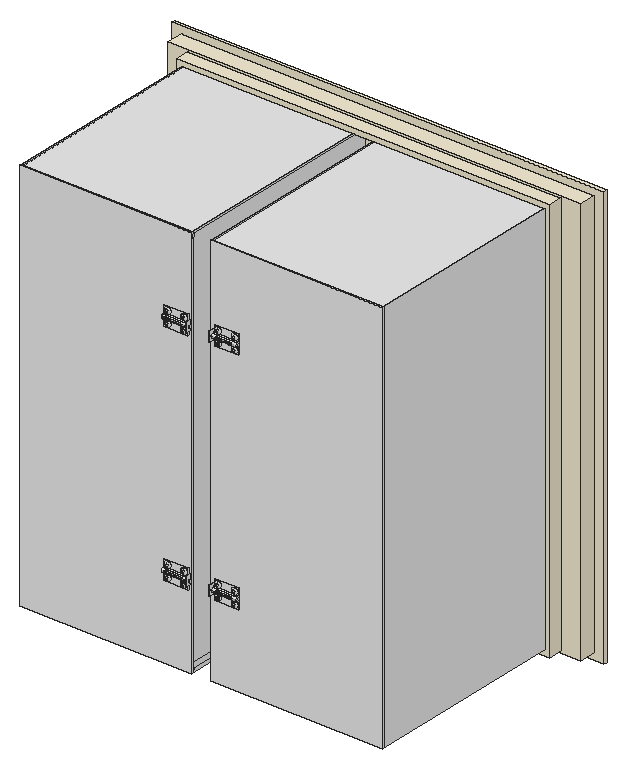
Revit family "Mailboxes_4C-Salsbury_Industries-Rear_Load-8_Door_High_Units", category Specialty Equipment, host Wall, Revit 2016 (continued)
Definition of nested family "3700 Series 4C Door Configurations"
  Automatic sketch dimensions
    Extrusion 6 sketch curve to Extrusion 6 sketch curve = 0.125"  (x3)
    plane 9 to Extrusion 6 sketch curve = 0.625"  (x2)
    plane 3 "Center (Left/Right)" to Extrusion 6 sketch curve = 0.7775"
    plane 15 "Inset Center" to Extrusion 6 sketch curve = 0.750"
    curve 1 to plane 9 = 0.000"
    plane 11 "Center Lock Vertical" to curve 1 = 0.000"
    radius of Blend 2 sketch curve = 0.525"
    radius of Blend 2 sketch curve = 0.485"
    radius of curve 1 = 0.53054"
Definition of nested family "3700 Series 4C OM2 Configuration"
  Parameters (values of type "OM2-RL")
    Weight = ""
    URL = ""
    Access Lock Offset = 0.3125"
    Access Lock = no
    Model = "3700OM2-RL"
    Manufacturer = "Salsbury Industries"
    Lock Material = none
    Front Panel Material = none
    Door Width = 13.375"
    Door Number [instance] = "101"
    Door Height = 7.00047"
    Door Depth = 0.25391"
    Description = "OM2 Door for 3700 Series 4C Mailboxes-Rear Loading"
    Cost = 0
    Center Lock-Vertical = 2.360"
    Center Lock-Horizontal = 1.61523"
  Types (3): name | Access Lock Offset | Access Lock | Model | Description
    (no name) | 0.3125" | no | "3700OM2-RL" | "OM2 Door for 3700 Series 4C Mailboxes-Rear Loading"
    OM2-FL | 0.000" | yes | "3700OM2-FL" | "OM2 Door for 3700 Series 4C Mailboxes-Front Loading"
    OM2-RL | 0.3125" | no | "3700OM2-RL" | "OM2 Door for 3700 Series 4C Mailboxes-Rear Loading"
  Reference planes (in)
    plane 1 "Center (Front/Back)": y = 0
    plane 2 "Bottom of Door": z = 0
    plane 3 "Center (Left/Right)": x = 0
    plane 4 "Left Side Face of Door": x = -6.6875
    plane 5 "Right Side Face of Door": x = 6.6875
    plane 6 "Back Face of Door": y = 0.12695
    plane 7 "Front Face of Door": y = -0.12695
    plane 8: z = 3.23047
    plane 9: z = 1.61523
    plane 10: y = -0.46995
    plane 11 "Center Lock Vertical": x = -4.3275
    plane 12 "Center Lock Horizontal": z = 1.61523
    plane 13 "Face of Lock": y = -0.42383
    plane 14 "Divider Height Align": z = 3.50047
    plane 15 "Plate Center": x = -0.16063
    plane 16 "Left Stud Align": x = -5.7025
    plane 17 "Right Stud Align": x = -2.8895
    plane 18 "Top Stud Align": z = 2.27147
    plane 19 "Bottom Stud Align": z = 0.95947
    plane 20 "Hinge Stud Align": x = 5.6875
    plane 21 "Mail Plate Top": z = 2.61547
    plane 22 "Mail Plate Bottom": z = 0.61547
    plane 23: x = -2.1595
    plane 24: x = 1.8405
    plane 25 "Face of Mail Plate": y = -0.16602
    plane 26 "Top of Mail Drop Door": z = 6.73094
    plane 27 "Top of Mail Drop Divider": z = 7.00047
    plane 28 "Face of Mail Drop": y = -0.31995
    plane 29 "Top of Mail Slot": z = 6.42087
    plane 30 "Bottom of Mail Slot": z = 5.67087
    plane 31 "Left Edge of Mail Slot": x = -5.3755
    plane 32 "Right Edge of Mail Slot": x = 5.3755
    plane 33 "Mail Slot Bottom Protusion": z = 6.50987
    plane 34: y = -0.49395
    plane 35: z = 6.15637
    plane 36 "Front of Awning": y = -1.63495
    plane 37: y = -1.15685
    plane 38 "Mail Slot Slope": through (-240, -0.44582, 6.9722) normal (0, -0.5, 0.866)
    plane 39 "Access Lock Offset": y = 0.43945
  Forms (in)
    Extrusion 1, solid, material <- "Front Panel Material"
      sketch origin (0, 0, 0) x (1, 0, 0) y (0, 1, 0)
        loop
          line (-6.4355, 0.12695) -> (-6.6875, -0.05445) -> (-6.6875, -0.12695) -> (6.05625, -0.12695)
          arc (6.05625, -0.12695) -> (6.19558, -0.17661) -> (6.27209, -0.3032) r 0.22029
          arc (6.27209, -0.3032) -> (6.3553, -0.42132) -> (6.4925, -0.46664) r 0.23034
          arc (6.4925, -0.46664) -> (6.63039, -0.40952) -> (6.6875, -0.27164) r 0.195
          line (6.6875, -0.27164) -> (6.6875, 0.12695) -> (-6.4355, 0.12695)
      from 0 to 3.23047
    Extrusion 2, solid, material <- "Front Panel Material"
      sketch origin (0, 0, 3.50047) x (-1, 0, 0) y (0, -1, 0)
        loop
          line (6.6875, -0.12695) -> (6.6875, 0.46995) -> (-6.6875, 0.46995) -> (-6.6875, -0.12695) -> (6.6875, -0.12695)
      from -0.27 to 0
    Extrusion 3, void
      sketch origin (0, 0.43945, 0) x (0, 0, -1) y (-1, 0, 0)
        loop
          circle (-1.61523, 4.3275) r 0.4375
      from 0 to -0.25391
    Extrusion 4, solid, material <- "Lock Material", visible <- "Access Lock"
      sketch origin (0, 0.43945, 0) x (0, 0, -1) y (-1, 0, 0)
        loop
          circle (-1.61523, 4.3275) r 0.42913
      from 0 to -0.25391
    Extrusion 5, void, detail levels fine
      sketch origin (0, 0.12695, 3.4) x (-1, 0, 0) y (0, 0, 1)
        loop
          line (4.3568, -1.47517) -> (4.2982, -1.47517) -> (4.2982, -2.09436) -> (4.3568, -2.09436) -> (4.3568, -1.47517)
      from -0.12695 to -0.25391
    Blend 6, solid, material <- "Front Panel Material", detail levels medium+fine
      base sketch origin (0, -0.12695, 2.68123) x (-1, 0, 0) y (0, 0, 1)
        loop
          circle (5.7025, -0.40977) r 0.15665
      top sketch origin (0, -0.12695, 2.68123) x (-1, 0, 0) y (0, 0, 1)
        loop
          circle (5.7025, -0.40977) r 0.3125
      from -0.11328 to 0
    Blend 7, solid, material <- "Front Panel Material", detail levels medium+fine
      base sketch origin (1.3125, -0.12695, 2.68123) x (-1, 0, 0) y (0, 0, 1)
        loop
          circle (4.202, -0.40977) r 0.15665
      top sketch origin (1.3125, -0.12695, 2.68123) x (-1, 0, 0) y (0, 0, 1)
        loop
          circle (4.202, -0.40977) r 0.3125
      from -0.11328 to 0
    Blend 8, solid, material <- "Front Panel Material", detail levels medium+fine
      base sketch origin (0, -0.12695, 1.36923) x (-1, 0, 0) y (0, 0, 1)
        loop
          circle (5.7025, -0.40977) r 0.15665
      top sketch origin (0, -0.12695, 1.36923) x (-1, 0, 0) y (0, 0, 1)
        loop
          circle (5.7025, -0.40977) r 0.3125
      from -0.11328 to 0
    Blend 9, solid, material <- "Front Panel Material", detail levels medium+fine
      base sketch origin (1.3125, -0.12695, 1.36923) x (-1, 0, 0) y (0, 0, 1)
        loop
          circle (4.202, -0.40977) r 0.15665
      top sketch origin (1.3125, -0.12695, 1.36923) x (-1, 0, 0) y (0, 0, 1)
        loop
          circle (4.202, -0.40977) r 0.3125
      from -0.11328 to 0
    Blend 10, solid, material <- "Front Panel Material", detail levels medium+fine
      base sketch origin (9.8895, -0.12695, 2.68123) x (-1, 0, 0) y (0, 0, 1)
        loop
          circle (4.202, -0.40977) r 0.15665
      top sketch origin (9.8895, -0.12695, 2.68123) x (-1, 0, 0) y (0, 0, 1)
        loop
          circle (4.202, -0.40977) r 0.3125
      from -0.11328 to 0
    Blend 11, solid, material <- "Front Panel Material", detail levels medium+fine
      base sketch origin (9.8895, -0.12695, 1.36923) x (-1, 0, 0) y (0, 0, 1)
        loop
          circle (4.202, -0.40977) r 0.15665
      top sketch origin (9.8895, -0.12695, 1.36923) x (-1, 0, 0) y (0, 0, 1)
        loop
          circle (4.202, -0.40977) r 0.3125
      from -0.11328 to 0
    Extrusion 12, solid, material <- "Lock Material"
      sketch origin (0, -0.12695, 0) x (-1, 0, 0) y (0, 0, 1)
        loop
          line (1.96028, 2.61547) -> (-1.64128, 2.61547)
          arc (-1.64128, 2.61547) -> (-1.78215, 2.55712) -> (-1.8405, 2.41625) r 0.19922
          line (-1.8405, 2.41625) -> (-1.8405, 0.81469)
          arc (-1.8405, 0.81469) -> (-1.78215, 0.67382) -> (-1.64128, 0.61547) r 0.19922
          line (-1.64128, 0.61547) -> (1.96028, 0.61547)
          arc (1.96028, 0.61547) -> (2.10115, 0.67382) -> (2.1595, 0.81469) r 0.19922
          line (2.1595, 0.81469) -> (2.1595, 2.41625)
          arc (2.1595, 2.41625) -> (2.10115, 2.55712) -> (1.96028, 2.61547) r 0.19922
      from 0 to -0.03906
    Extrusion 13, solid, material <- "Front Panel Material"
      sketch origin (-2.13946, 0, 3.50047) x (-1, 0, 0) y (0, -1, 0)
        loop
          line (4.54804, -0.12695) -> (4.54804, 0.31995) -> (-8.82696, 0.31995) -> (-8.82696, -0.12695) -> (4.54804, -0.12695)
      from 0 to 3.0094
    Extrusion 14, void
      sketch origin (0, -0.31995, 0) x (0, 0, -1) y (-1, 0, 0)
        loop
          arc (-5.67087, 5.0005) -> (-6.04587, 5.3755) -> (-6.42087, 5.0005) r 0.375
          line (-6.42087, 5.0005) -> (-6.42087, -5.0005)
          arc (-6.42087, -5.0005) -> (-6.04587, -5.3755) -> (-5.67087, -5.0005) r 0.375
          line (-5.67087, -5.0005) -> (-5.67087, 5.0005)
      from 0 to 0.44691
    Extrusion 15, solid, material <- "Front Panel Material"
      sketch origin (0, 0, 0) x (0, 1, 0) y (0, 0, 1)
        loop
          line (0.12695, 6.50987) -> (0.12695, 7.00047) -> (-0.46995, 7.00047) -> (-0.75605, 6.83078) -> (-0.73973, 6.80251) -> (-1.27431, 6.49388) -> (-1.29063, 6.52214) -> (-1.61027, 6.3376)
          arc (-1.61027, 6.3376) -> (-1.63087, 6.31111) -> (-1.62714, 6.27777) r 0.04454
          line (-1.62714, 6.27777) -> (-1.5282, 6.17883)
          arc (-1.5282, 6.17883) -> (-1.4937, 6.16211) -> (-1.4558, 6.15637) r 0.12791
          line (-1.4558, 6.15637) -> (-1.10623, 6.15637) -> (-0.49395, 6.50987) -> (0.12695, 6.50987)
      from -6.6875 to 6.6875
  Cuts and joins
    Extrusion 3 cuts Extrusion 1
    Extrusion 5 cuts Extrusion 4
    Extrusion 14 cuts Extrusion 13
  Lines and regions (in)
    symbolic lines
      curve 1: circle (-5.7025, -0.12695, 2.27147) r 0.3125 normal (0, 1, 0)
      curve 2: circle (-5.7025, -0.12695, 0.95947) r 0.3125 normal (0, 1, 0)
      curve 3: circle (-2.8895, -0.12695, 0.95947) r 0.3125 normal (0, 1, 0)
      curve 4: circle (-2.8895, -0.12695, 2.27147) r 0.3125 normal (0, 1, 0)
      curve 5: circle (-4.3275, -0.12695, 1.61523) r 0.42913 normal (0, 1, 0)
      curve 6: circle (5.6875, -0.12695, 0.95947) r 0.3125 normal (0, 1, 0)
      curve 7: circle (5.6875, -0.12695, 2.27147) r 0.3125 normal (0, 1, 0)
      curve 8: arc (-2.1595, -0.12695, 2.41625) -> (-2.10115, -0.12695, 2.55712) -> (-1.96028, -0.12695, 2.61547) r 0.19922
      curve 9: arc (1.8405, -0.12695, 2.41625) -> (1.78215, -0.12695, 2.55712) -> (1.64128, -0.12695, 2.61547) r 0.19922
      curve 10: arc (1.8405, -0.12695, 0.81469) -> (1.78215, -0.12695, 0.67382) -> (1.64128, -0.12695, 0.61547) r 0.19922
      curve 11: arc (-1.96028, -0.12695, 0.61547) -> (-2.10115, -0.12695, 0.67382) -> (-2.1595, -0.12695, 0.81469) r 0.19922
      curve 12: line (-2.1595, -0.12695, 0.81469) -> (-2.1595, -0.12695, 2.41625)
      curve 13: line (-1.96028, -0.12695, 2.61547) -> (1.64128, -0.12695, 2.61547)
      curve 14: line (1.8405, -0.12695, 2.41625) -> (1.8405, -0.12695, 0.81469)
      curve 15: line (1.64128, -0.12695, 0.61547) -> (-1.96028, -0.12695, 0.61547)
  Dimensions and locks (in)
    equal spacing: plane 6 "Back Face of Door", plane 1 "Center (Front/Back)", plane 7 "Front Face of Door"
    "Door Depth": plane 6 "Back Face of Door" to plane 7 "Front Face of Door"
    equal spacing: plane 4 "Left Side Face of Door", plane 3 "Center (Left/Right)", plane 5 "Right Side Face of Door"
    "Door Width": plane 4 "Left Side Face of Door" to plane 5 "Right Side Face of Door"
    plane 8 to level = 3.23047"
    equal spacing: plane 8, plane 9, level
    locked: plane 7 "Front Face of Door" to plane 10 at 0.343
    "Center Lock-Vertical": plane 4 "Left Side Face of Door" to plane 11 "Center Lock Vertical"
    "Center Lock-Horizontal": plane 8 to plane 12 "Center Lock Horizontal"
    locked: plane 14 "Divider Height Align" to plane 8 at 0.27
    plane 4 "Left Side Face of Door" to plane 16 "Left Stud Align" to plane 17 "Right Stud Align" = 0.985", 2.813"
    plane 8 to plane 18 "Top Stud Align" to plane 19 "Bottom Stud Align" = 0.959", 1.312"
    plane 20 "Hinge Stud Align" to plane 5 "Right Side Face of Door" = 1.000"
    plane 8 to plane 21 "Mail Plate Top" to plane 22 "Mail Plate Bottom" = 0.615", 2.000"
    plane 4 "Left Side Face of Door" to plane 23 to plane 24 = 4.528", 4.000"
    plane 27 "Top of Mail Drop Divider" to plane 26 "Top of Mail Drop Door" to plane 14 "Divider Height Align" = 0.26953" locked, 3.23047"
    "Door Height": plane 27 "Top of Mail Drop Divider" to level
    plane 28 "Face of Mail Drop" to plane 10 = 0.150"
    locked: plane 27 "Top of Mail Drop Divider" to plane 29 "Top of Mail Slot" at 0.5796
    locked: plane 29 "Top of Mail Slot" to plane 30 "Bottom of Mail Slot" at 0.75
    locked: plane 4 "Left Side Face of Door" to plane 31 "Left Edge of Mail Slot" at 1.312
    locked: plane 32 "Right Edge of Mail Slot" to plane 5 "Right Side Face of Door" at 1.312
    locked: plane 33 "Mail Slot Bottom Protusion" to plane 29 "Top of Mail Slot" at 0.089
    plane 28 "Face of Mail Drop" to plane 34 = 0.174"
    plane 33 "Mail Slot Bottom Protusion" to plane 35 = 0.3535"
    plane 28 "Face of Mail Drop" to plane 36 "Front of Awning" = 1.315"
    plane 4 "Left Side Face of Door" to plane 5 "Right Side Face of Door" = 13.375"
    plane 6 "Back Face of Door" to plane 36 "Front of Awning" = 1.76191"
    "Access Lock Offset": plane 39 "Access Lock Offset" to plane 6 "Back Face of Door"
    aligned and locked: level to plane 2 "Bottom of Door"
    aligned and locked: plane 4 "Left Side Face of Door" to Extrusion 1
    aligned and locked: plane 6 "Back Face of Door" to Extrusion 1
    aligned and locked: plane 7 "Front Face of Door" to Extrusion 1
    aligned and locked: Extrusion 1 to level
    aligned and locked: plane 8 to Extrusion 1
    aligned and locked: Extrusion 2 sketch curve to plane 4 "Left Side Face of Door"
    aligned and locked: Extrusion 2 sketch curve to plane 6 "Back Face of Door"
    aligned and locked: plane 5 "Right Side Face of Door" to Extrusion 2 sketch curve
    aligned and locked: Extrusion 2 to plane 8
    aligned and locked: plane 10 to Extrusion 2 sketch curve
    aligned and locked: plane 14 "Divider Height Align" to Extrusion 2
    aligned and locked: plane 4 "Left Side Face of Door" to Extrusion 2
    aligned and locked: Extrusion 2 to plane 5 "Right Side Face of Door"
    aligned and locked: Extrusion 13 to plane 28 "Face of Mail Drop"
    aligned and locked: plane 29 "Top of Mail Slot" to Extrusion 14 sketch curve
    aligned and locked: cut or joined group of Extrusion 13, Extrusion 14 to cut or joined group of Extrusion 13, Extrusion 14
    aligned and locked: cut or joined group of Extrusion 1, Extrusion 3 to plane 2 "Bottom of Door"
  Automatic sketch dimensions
    Extrusion 1 sketch curve to plane 4 "Left Side Face of Door" = 0.000"
    Extrusion 1 sketch curve to plane 6 "Back Face of Door" = 0.000"
    Extrusion 1 sketch curve to plane 7 "Front Face of Door" = 0.000"
    Extrusion 1 sketch curve to plane 5 "Right Side Face of Door" = 0.000"
    Extrusion 1 sketch curve to plane 4 "Left Side Face of Door" = 0.252"
    Extrusion 1 sketch curve to plane 20 "Hinge Stud Align" = 0.36875"
    Extrusion 1 sketch curve to plane 25 "Face of Mail Plate" = 0.07029"
    plane 5 "Right Side Face of Door" to Extrusion 1 sketch curve = 0.195"
    Extrusion 1 sketch curve to plane 25 "Face of Mail Plate" = 0.10562"
    Extrusion 1 sketch curve to plane 13 "Face of Lock" = 0.07658"
    plane 1 "Center (Front/Back)" to Extrusion 1 sketch curve = 0.05445"
    Extrusion 1 sketch curve to plane 13 "Face of Lock" = 0.12063"
    Extrusion 5 sketch curve to plane 11 "Center Lock Vertical" = 0.0293"
    plane 11 "Center Lock Vertical" to Extrusion 5 sketch curve = 0.0293"
    Extrusion 5 sketch curve to plane 9 = 0.30959"
    plane 9 to Extrusion 5 sketch curve = 0.30959"
    plane 16 "Left Stud Align" to Blend 6 sketch curve = 0.000"  (x2)
    Blend 6 sketch curve to plane 18 "Top Stud Align" = 0.000"  (x2)
    plane 17 "Right Stud Align" to Blend 7 sketch curve = 0.000"  (x2)
    Blend 7 sketch curve to plane 18 "Top Stud Align" = 0.000"  (x2)
    plane 16 "Left Stud Align" to Blend 8 sketch curve = 0.000"  (x2)
    Blend 8 sketch curve to plane 19 "Bottom Stud Align" = 0.000"  (x2)
    plane 17 "Right Stud Align" to Blend 9 sketch curve = 0.000"  (x2)
    Blend 9 sketch curve to plane 19 "Bottom Stud Align" = 0.000"  (x2)
    Blend 10 sketch curve to plane 18 "Top Stud Align" = 0.000"  (x2)
    plane 20 "Hinge Stud Align" to Blend 10 sketch curve = 0.000"  (x2)
    Blend 11 sketch curve to plane 19 "Bottom Stud Align" = 0.000"  (x2)
    plane 20 "Hinge Stud Align" to Blend 11 sketch curve = 0.000"  (x2)
    plane 24 to Extrusion 12 sketch curve = 0.000"
    Extrusion 12 sketch curve to plane 22 "Mail Plate Bottom" = 0.000"
    Extrusion 12 sketch curve to plane 21 "Mail Plate Top" = 0.000"
    plane 23 to Extrusion 12 sketch curve = 0.000"
    plane 24 to Extrusion 12 sketch curve = 0.19922"  (x2)
    plane 18 "Top Stud Align" to Extrusion 12 sketch curve = 0.14478"
    Extrusion 12 sketch curve to plane 23 = 0.19922"
    Extrusion 13 sketch curve to plane 5 "Right Side Face of Door" = 0.000"
    Extrusion 13 sketch curve to plane 4 "Left Side Face of Door" = 0.000"
    Extrusion 13 sketch curve to plane 6 "Back Face of Door" = 0.000"
    Extrusion 13 sketch curve to plane 7 "Front Face of Door" = 0.193"
    Extrusion 14 sketch curve to plane 30 "Bottom of Mail Slot" = 0.000"
    plane 32 "Right Edge of Mail Slot" to Extrusion 14 sketch curve = 0.375"
    Extrusion 14 sketch curve to plane 31 "Left Edge of Mail Slot" = 0.375"
    Extrusion 15 sketch curve to plane 35 = 0.000"
    Extrusion 15 sketch curve to plane 33 "Mail Slot Bottom Protusion" = 0.000"
    Extrusion 15 sketch curve to plane 34 = 0.000"
    Extrusion 15 sketch curve to plane 27 "Top of Mail Drop Divider" = 0.000"
    Extrusion 15 sketch curve to plane 6 "Back Face of Door" = 0.000"
    plane 26 "Top of Mail Drop Door" to Extrusion 15 sketch curve = 0.07158"
    Extrusion 15 sketch curve to plane 34 = 0.24578"
    plane 26 "Top of Mail Drop Door" to Extrusion 15 sketch curve = 0.09984"
    Extrusion 15 sketch curve to Extrusion 15 sketch curve = 0.01632"
    plane 37 to Extrusion 15 sketch curve = 0.05062"
    Extrusion 15 sketch curve to plane 33 "Mail Slot Bottom Protusion" = 0.01599"
    plane 33 "Mail Slot Bottom Protusion" to Extrusion 15 sketch curve = 0.01227"
    plane 36 "Front of Awning" to Extrusion 15 sketch curve = 0.17915"
    plane 35 to Extrusion 15 sketch curve = 0.02246"
    Extrusion 15 sketch curve to Extrusion 15 sketch curve = 0.0724"
    plane 36 "Front of Awning" to Extrusion 15 sketch curve = 0.04696"
    plane 36 "Front of Awning" to Extrusion 15 sketch curve = 0.02469"
    plane 36 "Front of Awning" to Extrusion 15 sketch curve = 0.00781"
    Extrusion 15 sketch curve to Extrusion 15 sketch curve = 0.05983"
    Extrusion 4 sketch curve to plane 9 = 0.000"
    plane 11 "Center Lock Vertical" to Extrusion 4 sketch curve = 0.000"
    Extrusion 3 sketch curve to plane 9 = 0.000"
    plane 11 "Center Lock Vertical" to Extrusion 3 sketch curve = 0.000"
    curve 6 to plane 19 "Bottom Stud Align" = 0.000"
    plane 20 "Hinge Stud Align" to curve 6 = 0.000"
    curve 7 to plane 18 "Top Stud Align" = 0.000"
    plane 20 "Hinge Stud Align" to curve 7 = 0.000"
    plane 24 to curve 14 = 0.000"
    curve 9 to plane 21 "Mail Plate Top" = 0.000"
    curve 11 to plane 22 "Mail Plate Bottom" = 0.000"
    plane 23 to curve 12 = 0.000"
    plane 17 "Right Stud Align" to curve 4 = 0.000"
    plane 17 "Right Stud Align" to curve 3 = 0.000"
    curve 5 to plane 9 = 0.000"
    plane 11 "Center Lock Vertical" to curve 5 = 0.000"
    plane 16 "Left Stud Align" to curve 1 = 0.000"
    plane 16 "Left Stud Align" to curve 2 = 0.000"
    curve 2 to plane 19 "Bottom Stud Align" = 0.000"
    curve 3 to plane 19 "Bottom Stud Align" = 0.000"
    curve 1 to plane 18 "Top Stud Align" = 0.000"
    curve 4 to plane 18 "Top Stud Align" = 0.000"
    plane 18 "Top Stud Align" to curve 9 = 0.14478"
    curve 10 to plane 19 "Bottom Stud Align" = 0.14478"
    plane 18 "Top Stud Align" to curve 8 = 0.14478"
    curve 11 to plane 19 "Bottom Stud Align" = 0.14478"
    radius of Blend 6 sketch curve = 0.15665"
    radius of Blend 6 sketch curve = 0.3125"
    radius of Blend 7 sketch curve = 0.15665"
    radius of Blend 7 sketch curve = 0.3125"
    radius of Blend 8 sketch curve = 0.15665"
    radius of Blend 8 sketch curve = 0.3125"
    radius of Blend 9 sketch curve = 0.15665"
    radius of Blend 9 sketch curve = 0.3125"
    radius of Blend 10 sketch curve = 0.15665"
    radius of Blend 10 sketch curve = 0.3125"
    radius of Blend 11 sketch curve = 0.15665"
    radius of Blend 11 sketch curve = 0.3125"
    radius of Extrusion 4 sketch curve = 0.42913"
    radius of Extrusion 3 sketch curve = 0.4375"
    radius of curve 1 = 0.3125"
    radius of curve 2 = 0.3125"
    radius of curve 3 = 0.3125"
    radius of curve 4 = 0.3125"
    radius of curve 5 = 0.42913"
    radius of curve 6 = 0.3125"
    radius of curve 7 = 0.3125"
Definition of nested family "4C Latch Lock"
  Parameters (values of type "Lock Latch")
    Width = 1.750"
    Type Comments = "Lock Latch for Aluminum Mailboxes"
    Visible Latch = yes
    Manufacturer = "Salsbury Industries"
    Height = 1.375"
    Depth = 0.244"
    Back Enclosure Material = none
  Reference planes (in)
    plane 1 "Center (Front/Back)": y = 0
    plane 2 "left": z = 0
    plane 3 "Center (Left/Right)": x = 0
    plane 4 "top": x = -0.875
    plane 5 "bottom": x = 0.875
    plane 6 "Front": y = 0.122
    plane 7 "Back": y = -0.122
    plane 8 "Vertical Center": z = 0.6875
    plane 9 "right": z = 1.375
    plane 10: x = -1
    plane 11: x = -1.125
  Forms (in)
    Extrusion 1, solid, material <- "Back Enclosure Material", visible <- "Visible Latch", detail levels medium+fine
      sketch origin (-0.67187, 0, 0.67188) x (0, 0, -1) y (0, 1, 0)
        loop
          line (-0.22131, -0.0902) -> (-0.70312, -0.0902) -> (-0.70312, -0.12209) -> (-0.22129, -0.12209)
          arc (-0.22129, -0.12209) -> (-0.1389, -0.08579) -> (-0.11009, -0.00048) r 0.11165
          arc (-0.11009, -0.00048) -> (-0.01599, 0.09362) -> (0.07812, -0.00048) r 0.09411
          arc (0.07812, -0.00048) -> (0.10866, -0.08591) -> (0.19189, -0.122) r 0.11401
          line (0.19189, -0.122) -> (0.67187, -0.122) -> (0.67187, -0.08954) -> (0.19205, -0.08954)
          arc (0.19205, -0.08954) -> (0.13091, -0.06294) -> (0.10869, -0.00006) r 0.08357
          arc (0.10869, -0.00006) -> (-0.01625, 0.12487) -> (-0.14118, -0.00006) r 0.12494
          arc (-0.14118, -0.00006) -> (-0.16101, -0.06312) -> (-0.22131, -0.0902) r 0.08069
      from -0.20313 to 1.54687
    Extrusion 2, void, detail levels medium+fine
      sketch origin (-0.86719, 0.122, 0.78906) x (0, 0, -1) y (1, 0, 0)
        loop
          line (0.02064, 1.43976) -> (0.02064, 0.31562) -> (0.29045, 0.31562) -> (0.29045, 0.47278) -> (0.12796, 0.47278) -> (0.12796, 1.28526) -> (0.27447, 1.28526) -> (0.27447, 1.43976) -> (0.02064, 1.43976)
      from -0.01091 to 0.1442
    Blend 3, solid, material <- "Back Enclosure Material", visible <- "Visible Latch", detail levels fine
      base sketch origin (-0.95312, 0.122, 0.96875) x (0, 0, -1) y (1, 0, 0)
        loop
          circle (-0.1252, 1.55349) r 0.1
      top sketch origin (-0.95312, 0.122, 0.96875) x (0, 0, -1) y (1, 0, 0)
        loop
          circle (-0.1252, 1.55349) r 0.215
      from 0.16742 to 0.21154
    Blend 4, solid, material <- "Back Enclosure Material", visible <- "Visible Latch", detail levels fine
      base sketch origin (-0.95312, 0.122, -0.54015) x (0, 0, -1) y (1, 0, 0)
        loop
          circle (-0.8037, 1.55349) r 0.1
      top sketch origin (-0.95312, 0.122, -0.54015) x (0, 0, -1) y (1, 0, 0)
        loop
          circle (-0.8037, 1.55349) r 0.215
      from 0.16742 to 0.21154
    Blend 5, solid, material <- "Back Enclosure Material", visible <- "Visible Latch", detail levels fine
      base sketch origin (-1.95312, 0.122, 0.96875) x (0, 0, -1) y (1, 0, 0)
        loop
          circle (-0.1252, 1.36599) r 0.1
      top sketch origin (-1.95312, 0.122, 0.96875) x (0, 0, -1) y (1, 0, 0)
        loop
          circle (-0.1252, 1.36599) r 0.215
      from 0.16742 to 0.21154
    Blend 6, solid, material <- "Back Enclosure Material", visible <- "Visible Latch", detail levels fine
      base sketch origin (-1.95312, 0.122, -0.55578) x (0, 0, -1) y (1, 0, 0)
        loop
          circle (-0.8037, 1.36599) r 0.1
      top sketch origin (-1.95312, 0.122, -0.55578) x (0, 0, -1) y (1, 0, 0)
        loop
          circle (-0.8037, 1.36599) r 0.215
      from 0.16742 to 0.21154
    Extrusion 7, solid, material <- "Back Enclosure Material", visible <- "Visible Latch", detail levels medium+fine
      sketch origin (-1.22585, -7.77812, 0.87452) x (0, 0, -1) y (0, 1, 0)
        loop
          circle (0.18702, 7.77784) r 0.09014
      from 0.10085 to 2.10085
    Extrusion 8, solid, material <- "Back Enclosure Material", visible <- "Visible Latch", detail levels medium+fine
      sketch origin (-0.59584, -7.78798, 0.67188) x (1, 0, 0) y (0, 1, 0)
        loop
          circle (0.12087, 7.81979) r 0.05
      from 0.01562 to -0.5
    Extrusion 9, solid, material <- "Back Enclosure Material", visible <- "Visible Latch", detail levels medium+fine
      sketch origin (-1.09375, -0.02845, 1.02999) x (0, 0, -1) y (1, 0, 0)
        loop
          line (0.68574, 0.09375) -> (0.68574, 0.12475) -> (-0.00176, 0.12475) -> (-0.00176, 0.09375) -> (0.68574, 0.09375)
      from -0.25 to 0.09355
    Extrusion 10, void, detail levels medium+fine
      sketch origin (-0.969, -7.77845, 0.87437) x (0, 0, -1) y (0, -1, 0)
        loop
          circle (0.18637, -7.77776) r 0.09325
      from 0 to 0.031
  Cuts and joins
    Extrusion 2 cuts Extrusion 1
    Extrusion 10 cuts Extrusion 9
  Lines and regions (in)
    symbolic lines
      curve 1: line (0.875, 0.122, 1.375) -> (-0.875, 0.122, 1.375)
      curve 2: line (0.875, 0.122, 0) -> (0.875, 0.122, 1.375)
      curve 3: line (-0.875, 0.122, 0) -> (0.875, 0.122, 0)
      curve 4: line (-0.875, 0.122, 1.375) -> (-0.875, 0.122, 0)
      curve 5: line (-0.875, 0.122, 0.78197) -> (-1.125, 0.122, 0.78197)
      curve 6: line (-1.125, 0.122, 0.78197) -> (-1.125, 0.122, 0.59736)
      curve 7: line (-1.125, 0.122, 0.59736) -> (-0.875, 0.122, 0.59736)
  Dimensions and locks (in)
    equal spacing: plane 7 "Back", plane 1 "Center (Front/Back)", plane 6 "Front"
    "Depth": plane 7 "Back" to plane 6 "Front"
    equal spacing: plane 4 "top", plane 3 "Center (Left/Right)", plane 5 "bottom"
    "Width": plane 4 "top" to plane 5 "bottom"
    equal spacing: plane 9 "right", plane 8 "Vertical Center", plane 2 "left"
    "Height": plane 9 "right" to plane 2 "left"
    plane 10 to plane 4 "top" = 0.125"
    plane 11 to plane 4 "top" = 0.250"
    plane 10 to plane 11 = 0.125"
    aligned and locked: level to plane 2 "left"
    aligned and locked: curve 1 to cut or joined group of Extrusion 1, Extrusion 2
    aligned and locked: curve 2 to cut or joined group of Extrusion 1, Extrusion 2
    aligned and locked: curve 3 to cut or joined group of Extrusion 1, Extrusion 2
    aligned and locked: curve 4 to cut or joined group of Extrusion 1, Extrusion 2
  Automatic sketch dimensions
    Extrusion 1 sketch curve to plane 7 "Back" = 0.000"
    Extrusion 1 sketch curve to plane 7 "Back" = 0.0318"
    plane 9 "right" to Extrusion 1 sketch curve = 0.000"
    Extrusion 1 sketch curve to plane 8 "Vertical Center" = 0.20569"
    plane 7 "Back" to Extrusion 1 sketch curve = 0.00009"
    Extrusion 1 sketch curve to plane 8 "Vertical Center" = 0.20567"
    plane 1 "Center (Front/Back)" to Extrusion 1 sketch curve = 0.00006"
    Extrusion 1 sketch curve to plane 8 "Vertical Center" = 0.00062"
    Extrusion 1 sketch curve to Extrusion 1 sketch curve = 0.00026"
    Extrusion 1 sketch curve to Extrusion 1 sketch curve = 0.20788"
    Extrusion 1 sketch curve to Extrusion 1 sketch curve = 0.00016"
    Extrusion 1 sketch curve to level = 0.000"
    Extrusion 1 sketch curve to plane 7 "Back" = 0.03246"
    plane 1 "Center (Front/Back)" to Extrusion 1 sketch curve = 0.01045"
    Extrusion 1 sketch curve to Extrusion 1 sketch curve = 0.00094"
    Extrusion 1 sketch curve to Extrusion 1 sketch curve = 0.00201"
    Extrusion 2 sketch curve to plane 8 "Vertical Center" = 0.08092"
    plane 5 "bottom" to Extrusion 2 sketch curve = 0.45693"
    plane 8 "Vertical Center" to Extrusion 2 sketch curve = 0.0264"
    Extrusion 2 sketch curve to Extrusion 2 sketch curve = 0.16249"
    Extrusion 2 sketch curve to Extrusion 2 sketch curve = 0.14651"
    Extrusion 2 sketch curve to plane 3 "Center (Left/Right)" = 0.3944"
    Extrusion 2 sketch curve to plane 4 "top" = 0.32343"
    plane 5 "bottom" to Extrusion 2 sketch curve = 0.30243"
    plane 5 "bottom" to Blend 3 sketch curve = 0.27463"  (x2)
    Blend 3 sketch curve to plane 8 "Vertical Center" = 0.40645"  (x2)
    plane 5 "bottom" to Blend 4 sketch curve = 0.27463"  (x2)
    level to Blend 4 sketch curve = 0.26355"  (x2)
    Blend 5 sketch curve to plane 8 "Vertical Center" = 0.40645"  (x2)
    Blend 5 sketch curve to plane 3 "Center (Left/Right)" = 0.58713"  (x2)
    level to Blend 6 sketch curve = 0.24792"  (x2)
    Blend 6 sketch curve to plane 3 "Center (Left/Right)" = 0.58713"  (x2)
    plane 1 "Center (Front/Back)" to Extrusion 7 sketch curve = 0.00028"
    plane 8 "Vertical Center" to Extrusion 7 sketch curve = 0.000"
    Extrusion 8 sketch curve to plane 1 "Center (Front/Back)" = 0.03181"
    Extrusion 8 sketch curve to plane 4 "top" = 0.40003"
    Extrusion 9 sketch curve to plane 8 "Vertical Center" = 0.34425"
    level to Extrusion 9 sketch curve = 0.34425"
    plane 4 "top" to Extrusion 9 sketch curve = 0.125"
    Extrusion 9 sketch curve to Extrusion 9 sketch curve = 0.031"
    plane 1 "Center (Front/Back)" to Extrusion 10 sketch curve = 0.0007"
    Extrusion 10 sketch curve to plane 8 "Vertical Center" = 0.0005"
    curve 6 to plane 11 = 0.000"
    curve 5 to plane 8 "Vertical Center" = 0.09447"
    plane 8 "Vertical Center" to curve 6 = 0.09014"
    radius of Blend 3 sketch curve = 0.100"
    radius of Blend 3 sketch curve = 0.215"
    radius of Blend 4 sketch curve = 0.100"
    radius of Blend 4 sketch curve = 0.215"
    radius of Blend 5 sketch curve = 0.100"
    radius of Blend 5 sketch curve = 0.215"
    radius of Blend 6 sketch curve = 0.100"
    radius of Blend 6 sketch curve = 0.215"
    radius of Extrusion 7 sketch curve = 0.09014"
    radius of Extrusion 8 sketch curve = 0.050"
    radius of Extrusion 10 sketch curve = 0.09325"
Definition of nested family "4C Latch Lock-Left"
  Parameters (values of type "Lock Latch")
    Width = 1.750"
    Type Comments = "Lock Latch for Aluminum Mailboxes"
    Visible Latch = yes
    Manufacturer = "Salsbury Industries"
    Height = 1.375"
    Depth = 0.244"
    Back Enclosure Material = none
  Reference planes (in)
    plane 1 "Center (Front/Back)": y = 0
    plane 2 "left": z = 0
    plane 3 "Center (Left/Right)": x = 0
    plane 4 "top": x = -0.875
    plane 5 "bottom": x = 0.875
    plane 6 "Front": y = 0.122
    plane 7 "Back": y = -0.122
    plane 8 "Vertical Center": z = 0.6875
    plane 9 "right": z = 1.375
    plane 10: x = 1
    plane 11: x = 1.125
  Forms (in)
    Extrusion 1, solid, material <- "Back Enclosure Material", visible <- "Visible Latch", detail levels medium+fine
      sketch origin (-0.67187, 0, 0.67188) x (0, 0, -1) y (0, 1, 0)
        loop
          line (-0.22131, -0.0902) -> (-0.70312, -0.0902) -> (-0.70312, -0.12209) -> (-0.22129, -0.12209)
          arc (-0.22129, -0.12209) -> (-0.1389, -0.08579) -> (-0.11009, -0.00048) r 0.11165
          arc (-0.11009, -0.00048) -> (-0.01599, 0.09362) -> (0.07812, -0.00048) r 0.09411
          arc (0.07812, -0.00048) -> (0.10866, -0.08591) -> (0.19189, -0.122) r 0.11401
          line (0.19189, -0.122) -> (0.67187, -0.122) -> (0.67187, -0.08954) -> (0.19205, -0.08954)
          arc (0.19205, -0.08954) -> (0.13091, -0.06294) -> (0.10869, -0.00006) r 0.08357
          arc (0.10869, -0.00006) -> (-0.01625, 0.12487) -> (-0.14118, -0.00006) r 0.12494
          arc (-0.14118, -0.00006) -> (-0.16101, -0.06312) -> (-0.22131, -0.0902) r 0.08069
      from -0.20313 to 1.54687
    Extrusion 2, void
      sketch origin (-0.86719, 0.122, 0.78906) x (0, 0, -1) y (1, 0, 0)
        loop
          line (0.02064, 1.43976) -> (0.02064, 0.31562) -> (0.29045, 0.31562) -> (0.29045, 0.47278) -> (0.12796, 0.47278) -> (0.12796, 1.28526) -> (0.27447, 1.28526) -> (0.27447, 1.43976) -> (0.02064, 1.43976)
      from -0.01091 to 0.1442
    Blend 3, solid, material <- "Back Enclosure Material", visible <- "Visible Latch", detail levels fine
      base sketch origin (-0.95312, 0.122, 0.96875) x (0, 0, -1) y (1, 0, 0)
        loop
          circle (-0.1252, 1.55349) r 0.1
      top sketch origin (-0.95312, 0.122, 0.96875) x (0, 0, -1) y (1, 0, 0)
        loop
          circle (-0.1252, 1.55349) r 0.215
      from 0.16742 to 0.21154
    Blend 4, solid, material <- "Back Enclosure Material", visible <- "Visible Latch", detail levels fine
      base sketch origin (-0.95312, 0.122, -0.54015) x (0, 0, -1) y (1, 0, 0)
        loop
          circle (-0.8037, 1.55349) r 0.1
      top sketch origin (-0.95312, 0.122, -0.54015) x (0, 0, -1) y (1, 0, 0)
        loop
          circle (-0.8037, 1.55349) r 0.215
      from 0.16742 to 0.21154
    Blend 5, solid, material <- "Back Enclosure Material", visible <- "Visible Latch", detail levels fine
      base sketch origin (-1.95312, 0.122, 0.96875) x (0, 0, -1) y (1, 0, 0)
        loop
          circle (-0.1252, 1.36599) r 0.1
      top sketch origin (-1.95312, 0.122, 0.96875) x (0, 0, -1) y (1, 0, 0)
        loop
          circle (-0.1252, 1.36599) r 0.215
      from 0.16742 to 0.21154
    Blend 6, solid, material <- "Back Enclosure Material", visible <- "Visible Latch", detail levels fine
      base sketch origin (-1.95312, 0.122, -0.55578) x (0, 0, -1) y (1, 0, 0)
        loop
          circle (-0.8037, 1.36599) r 0.1
      top sketch origin (-1.95312, 0.122, -0.55578) x (0, 0, -1) y (1, 0, 0)
        loop
          circle (-0.8037, 1.36599) r 0.215
      from 0.16742 to 0.21154
    Extrusion 7, solid, material <- "Back Enclosure Material", visible <- "Visible Latch", detail levels medium+fine
      sketch origin (-1.22585, -7.77812, 0.87452) x (0, 0, -1) y (0, 1, 0)
        loop
          circle (0.18702, 7.77784) r 0.09014
      from 0.35085 to 2.35085
    Extrusion 8, solid, material <- "Back Enclosure Material", visible <- "Visible Latch", detail levels medium+fine
      sketch origin (0.37291, -7.78798, 0.67188) x (1, 0, 0) y (0, 1, 0)
        loop
          circle (0.12087, 7.81979) r 0.05
      from 0.01562 to -0.5
    Extrusion 9, solid, material <- "Back Enclosure Material", visible <- "Visible Latch", detail levels medium+fine
      sketch origin (0.87525, -0.02845, 1.02999) x (0, 0, -1) y (1, 0, 0)
        loop
          line (0.68574, 0.09375) -> (0.68574, 0.12475) -> (-0.00176, 0.12475) -> (-0.00176, 0.09375) -> (0.68574, 0.09375)
      from -0.25 to 0.09355
    Extrusion 10, void
      sketch origin (1, -7.77845, 0.87437) x (0, 0, -1) y (0, -1, 0)
        loop
          circle (0.18637, -7.77776) r 0.09325
      from 0 to 0.031
  Cuts and joins
    Extrusion 2 cuts Extrusion 1
    Extrusion 10 cuts Extrusion 9
  Lines and regions (in)
    symbolic lines
      curve 1: line (0.875, 0.122, 1.375) -> (-0.875, 0.122, 1.375)
      curve 2: line (0.875, 0.122, 0) -> (0.875, 0.122, 1.375)
      curve 3: line (-0.875, 0.122, 0) -> (0.875, 0.122, 0)
      curve 4: line (-0.875, 0.122, 1.375) -> (-0.875, 0.122, 0)
      curve 5: line (0.875, 0.122, 0.78197) -> (1.125, 0.122, 0.78197)
      curve 6: line (1.125, 0.122, 0.78197) -> (1.125, 0.122, 0.59736)
      curve 7: line (1.125, 0.122, 0.59736) -> (0.875, 0.122, 0.59736)
  Dimensions and locks (in)
    equal spacing: plane 7 "Back", plane 1 "Center (Front/Back)", plane 6 "Front"
    "Depth": plane 7 "Back" to plane 6 "Front"
    equal spacing: plane 4 "top", plane 3 "Center (Left/Right)", plane 5 "bottom"
    "Width": plane 4 "top" to plane 5 "bottom"
    equal spacing: plane 9 "right", plane 8 "Vertical Center", plane 2 "left"
    "Height": plane 9 "right" to plane 2 "left"
    plane 4 "top" to plane 10 = 1.875"
    plane 5 "bottom" to plane 11 = 0.250"
    plane 11 to plane 10 = 0.125"
    aligned and locked: level to plane 2 "left"
    aligned and locked: curve 1 to cut or joined group of Extrusion 1, Extrusion 2
    aligned and locked: curve 2 to cut or joined group of Extrusion 1, Extrusion 2
    aligned and locked: curve 3 to cut or joined group of Extrusion 1, Extrusion 2
    aligned and locked: curve 4 to cut or joined group of Extrusion 1, Extrusion 2
  Automatic sketch dimensions
    Extrusion 1 sketch curve to plane 7 "Back" = 0.000"
    Extrusion 1 sketch curve to plane 7 "Back" = 0.0318"
    plane 9 "right" to Extrusion 1 sketch curve = 0.000"
    Extrusion 1 sketch curve to plane 8 "Vertical Center" = 0.20569"
    plane 7 "Back" to Extrusion 1 sketch curve = 0.00009"
    Extrusion 1 sketch curve to plane 8 "Vertical Center" = 0.20567"
    plane 1 "Center (Front/Back)" to Extrusion 1 sketch curve = 0.00006"
    Extrusion 1 sketch curve to plane 8 "Vertical Center" = 0.00062"
    Extrusion 1 sketch curve to Extrusion 1 sketch curve = 0.00026"
    Extrusion 1 sketch curve to Extrusion 1 sketch curve = 0.20788"
    Extrusion 1 sketch curve to Extrusion 1 sketch curve = 0.00016"
    Extrusion 1 sketch curve to level = 0.000"
    Extrusion 1 sketch curve to plane 7 "Back" = 0.03246"
    plane 1 "Center (Front/Back)" to Extrusion 1 sketch curve = 0.01045"
    Extrusion 1 sketch curve to Extrusion 1 sketch curve = 0.00094"
    Extrusion 1 sketch curve to Extrusion 1 sketch curve = 0.00201"
    Extrusion 2 sketch curve to plane 8 "Vertical Center" = 0.08092"
    plane 5 "bottom" to Extrusion 2 sketch curve = 0.45693"
    plane 8 "Vertical Center" to Extrusion 2 sketch curve = 0.0264"
    Extrusion 2 sketch curve to Extrusion 2 sketch curve = 0.16249"
    Extrusion 2 sketch curve to Extrusion 2 sketch curve = 0.14651"
    Extrusion 2 sketch curve to plane 3 "Center (Left/Right)" = 0.3944"
    Extrusion 2 sketch curve to plane 4 "top" = 0.32343"
    plane 5 "bottom" to Extrusion 2 sketch curve = 0.30243"
    plane 5 "bottom" to Blend 3 sketch curve = 0.27463"  (x2)
    Blend 3 sketch curve to plane 8 "Vertical Center" = 0.40645"  (x2)
    plane 5 "bottom" to Blend 4 sketch curve = 0.27463"  (x2)
    level to Blend 4 sketch curve = 0.26355"  (x2)
    Blend 5 sketch curve to plane 8 "Vertical Center" = 0.40645"  (x2)
    Blend 5 sketch curve to plane 3 "Center (Left/Right)" = 0.58713"  (x2)
    level to Blend 6 sketch curve = 0.24792"  (x2)
    Blend 6 sketch curve to plane 3 "Center (Left/Right)" = 0.58713"  (x2)
    plane 1 "Center (Front/Back)" to Extrusion 7 sketch curve = 0.00028"
    plane 8 "Vertical Center" to Extrusion 7 sketch curve = 0.000"
    Extrusion 8 sketch curve to plane 1 "Center (Front/Back)" = 0.03181"
    Extrusion 8 sketch curve to plane 4 "top" = 1.36878"
    Extrusion 9 sketch curve to plane 8 "Vertical Center" = 0.34425"
    level to Extrusion 9 sketch curve = 0.34425"
    Extrusion 9 sketch curve to plane 4 "top" = 1.844"
    Extrusion 9 sketch curve to Extrusion 9 sketch curve = 0.031"
    plane 1 "Center (Front/Back)" to Extrusion 10 sketch curve = 0.0007"
    Extrusion 10 sketch curve to plane 8 "Vertical Center" = 0.0005"
    curve 7 to plane 11 = 0.000"
    curve 5 to plane 8 "Vertical Center" = 0.09447"
    plane 8 "Vertical Center" to curve 6 = 0.09014"
    radius of Blend 3 sketch curve = 0.100"
    radius of Blend 3 sketch curve = 0.215"
    radius of Blend 4 sketch curve = 0.100"
    radius of Blend 4 sketch curve = 0.215"
    radius of Blend 5 sketch curve = 0.100"
    radius of Blend 5 sketch curve = 0.215"
    radius of Blend 6 sketch curve = 0.100"
    radius of Blend 6 sketch curve = 0.215"
    radius of Extrusion 7 sketch curve = 0.09014"
    radius of Extrusion 8 sketch curve = 0.050"
    radius of Extrusion 10 sketch curve = 0.09325"
Types (11): name | Width | Vertical Center Divider | Type Comments | Right Inside Wall | Model | Left Inside Wall | Latch Locks-Left Side | Latch Alignment | Door Slot R8 Number | Door Slot R8 | Door Slot R7 Number | Door Slot R7 | Door Slot R6 Number | Door Slot R6 | Door Slot R5 | Door Slot R4 Number | Door Slot R4 | Door Slot R3 Number | Door Slot R3 | Door Slot R2 Number | Door Slot R2 | Door Slot R1 Number | Door Slot R1 | Door Slot L8 Number | Door Slot L8 | Door Slot L7 Number | Door Slot L7 | Door Slot L6 Number | Door Slot L6 | Door Slot L5 Number | Door Slot L5 | Door Slot L4 Number | Door Slot L4 | Door Slot L3 Number | Door Slot L3 | Door Slot L2 Number | Door Slot L2 | Door Slot L1 Number | Door Slot L1 | Description | Center Extrusion Offset | Above Finished Floor (AFF-Bottom of Unit) | Above Finished Floor (AFF-Bottom Shelf)
  3708S-1B RL | 16.344" | no | "4C Horizontal Receptacle Bin - Rear Loading" | no | "3708S-1B RL" | no | no | 13.876" | "0" | 4C-8 Door High Receptacle : 4C-8 Door High Receptacle | "0" | 3700 Series 4C Door Configurations : Empty | "0" | 3700 Series 4C Door Configurations : Empty | 3700 Series 4C Door Configurations : Empty | "0" | 3700 Series 4C Door Configurations : Empty | "0" | 3700 Series 4C Door Configurations : Empty | "0" | 3700 Series 4C Door Configurations : Empty | "0" | 3700 Series 4C Door Configurations : Empty | "0" | 3700 Series 4C Door Configurations : Empty | "0" | 3700 Series 4C Door Configurations : Empty | "0" | 3700 Series 4C Door Configurations : Empty | "0" | 3700 Series 4C Door Configurations : Empty | "0" | 3700 Series 4C Door Configurations : Empty | "0" | 3700 Series 4C Door Configurations : Empty | "0" | 3700 Series 4C Door Configurations : Empty | "0" | 3700 Series 4C Door Configurations : Empty | "8 Door High Unit" | 48.000" | 13.683" | 15.000"
  3708S-1C RL | 16.344" | no | "4C Horizontal Collection Box - Rear Loading" | no | "3708S-1C RL" | no | no | 13.876" | "0" | 4C-8 Door High Collection Box : 4C-8 Door High Collection Box | "0" | 3700 Series 4C Door Configurations : Empty | "0" | 3700 Series 4C Door Configurations : Empty | 3700 Series 4C Door Configurations : Empty | "0" | 3700 Series 4C Door Configurations : Empty | "0" | 3700 Series 4C Door Configurations : Empty | "0" | 3700 Series 4C Door Configurations : Empty | "0" | 3700 Series 4C Door Configurations : Empty | "0" | 3700 Series 4C Door Configurations : Empty | "0" | 3700 Series 4C Door Configurations : Empty | "0" | 3700 Series 4C Door Configurations : Empty | "0" | 3700 Series 4C Door Configurations : Empty | "0" | 3700 Series 4C Door Configurations : Empty | "0" | 3700 Series 4C Door Configurations : Empty | "0" | 3700 Series 4C Door Configurations : Empty | "0" | 3700 Series 4C Door Configurations : Empty | "8 Door High Unit" | 48.000" | 13.683" | 15.000"
  3708D-14 RL | 31.09766" | yes | "4C Standard Horizontal Mailbox - Rear Loading" | yes | "3708D-14 RL" | yes | yes | 14.857" | "14" | 3700 Series 4C Door Configurations : MB1 Door w/ Divider | "13" | 3700 Series 4C Door Configurations : MB1 Door w/ Divider | "12" | 3700 Series 4C Door Configurations : MB1 Door w/ Divider | 3700 Series 4C OM2 Configuration : OM2-RL | "0" | 3700 Series 4C Door Configurations : Empty | "11" | 3700 Series 4C Door Configurations : MB1 Door w/ Divider | "10" | 3700 Series 4C Door Configurations : MB1 Door w/ Divider | "9" | 3700 Series 4C Door Configurations : MB1 Door | "8" | 3700 Series 4C Door Configurations : MB1 Door w/ Divider | "7" | 3700 Series 4C Door Configurations : MB1 Door w/ Divider | "6" | 3700 Series 4C Door Configurations : MB1 Door w/ Divider | "5" | 3700 Series 4C Door Configurations : MB1 Door w/ Divider | "4" | 3700 Series 4C Door Configurations : MB1 Door w/ Divider | "3" | 3700 Series 4C Door Configurations : MB1 Door w/ Divider | "2" | 3700 Series 4C Door Configurations : MB1 Door w/ Divider | "1" | 3700 Series 4C Door Configurations : MB1 Door | "8 Door High Unit:  14 MB1, OM2" | 0.000" | 26.683" | 28.000"
  3708S-06 RL | 16.344" | no | "4C Standard Horizontal Mailbox - Rear Loading" | no | "3708S-06 RL" | no | no | 13.876" | "6" | 3700 Series 4C Door Configurations : MB1 Door w/ Divider | "5" | 3700 Series 4C Door Configurations : MB1 Door w/ Divider | "4" | 3700 Series 4C Door Configurations : MB1 Door w/ Divider | 3700 Series 4C OM2 Configuration : OM2-RL | "0" | 3700 Series 4C Door Configurations : Empty | "3" | 3700 Series 4C Door Configurations : MB1 Door w/ Divider | "2" | 3700 Series 4C Door Configurations : MB1 Door w/ Divider | "1" | 3700 Series 4C Door Configurations : MB1 Door | "0" | 3700 Series 4C Door Configurations : Empty | "0" | 3700 Series 4C Door Configurations : Empty | "0" | 3700 Series 4C Door Configurations : Empty | "0" | 3700 Series 4C Door Configurations : Empty | "0" | 3700 Series 4C Door Configurations : Empty | "0" | 3700 Series 4C Door Configurations : Empty | "0" | 3700 Series 4C Door Configurations : Empty | "0" | 3700 Series 4C Door Configurations : Empty | "8 Door High Unit:  6 MB1, OM2" | 48.000" | 26.683" | 28.000"
  3708D-13 RL | 31.09766" | yes | "4C Standard Horizontal Mailbox - Rear Loading" | yes | "3708D-13 RL" | yes | yes | 14.857" | "13" | 3700 Series 4C Door Configurations : MB1 Door w/ Divider | "12" | 3700 Series 4C Door Configurations : MB1 Door w/ Divider | "0" | 3700 Series 4C OM3 Configuration : OM3-RL | 3700 Series 4C Door Configurations : Empty | "0" | 3700 Series 4C Door Configurations : Empty | "11" | 3700 Series 4C Door Configurations : MB1 Door w/ Divider | "10" | 3700 Series 4C Door Configurations : MB1 Door w/ Divider | "9" | 3700 Series 4C Door Configurations : MB1 Door | "8" | 3700 Series 4C Door Configurations : MB1 Door w/ Divider | "7" | 3700 Series 4C Door Configurations : MB1 Door w/ Divider | "6" | 3700 Series 4C Door Configurations : MB1 Door w/ Divider | "5" | 3700 Series 4C Door Configurations : MB1 Door w/ Divider | "4" | 3700 Series 4C Door Configurations : MB1 Door w/ Divider | "3" | 3700 Series 4C Door Configurations : MB1 Door w/ Divider | "2" | 3700 Series 4C Door Configurations : MB1 Door w/ Divider | "1" | 3700 Series 4C Door Configurations : MB1 Door | "8 Door High Unit:  13 MB1, OM3" | 0.000" | 26.683" | 28.000"
  3708D-09 RL | 31.09766" | yes | "4C Standard Horizontal Mailbox - Rear Loading" | yes | "3708D-09 RL" | yes | yes | 14.857" | "9" | 3700 Series 4C Door Configurations : MB1 Door w/ Divider | "8" | 3700 Series 4C Door Configurations : MB1 Door w/ Divider | "7" | 3700 Series 4C Door Configurations : MB1 Door w/ Divider | 3700 Series 4C OM2 Configuration : OM2-RL | "0" | 3700 Series 4C Door Configurations : Empty | "6" | 3700 Series 4C Door Configurations : MB1 Door w/ Divider | "5" | 3700 Series 4C Door Configurations : MB1 Door w/ Divider | "4" | 3700 Series 4C Door Configurations : MB1 Door | "1P" | 3700 Series 4C Parcel Configurations : PL5 w/ Divider | "0" | 3700 Series 4C Door Configurations : Empty | "0" | 3700 Series 4C Door Configurations : Empty | "0" | 3700 Series 4C Door Configurations : Empty | "0" | 3700 Series 4C Door Configurations : Empty | "3" | 3700 Series 4C Door Configurations : MB1 Door w/ Divider | "2" | 3700 Series 4C Door Configurations : MB1 Door w/ Divider | "1" | 3700 Series 4C Door Configurations : MB1 Door | "8 Door High Unit:  9 MB1, 1 PL5, OM2" | 0.000" | 26.683" | 28.000"
  3708D-07 RL | 31.09766" | yes | "4C Standard Horizontal Mailbox - Rear Loading" | yes | "3708D-07 RL" | yes | yes | 14.857" | "7" | 3700 Series 4C Door Configurations : MB2 Door w/ Divider | "0" | 3700 Series 4C Door Configurations : Empty | "6" | 3700 Series 4C Door Configurations : MB2 Door w/ Divider | 3700 Series 4C Door Configurations : Empty | "0" | 3700 Series 4C OM2 Configuration : OM2-RL | "0" | 3700 Series 4C Door Configurations : Empty | "5" | 3700 Series 4C Door Configurations : MB2 Door | "0" | 3700 Series 4C Door Configurations : Empty | "4" | 3700 Series 4C Door Configurations : MB2 Door w/ Divider | "0" | 3700 Series 4C Door Configurations : Empty | "3" | 3700 Series 4C Door Configurations : MB2 Door w/ Divider | "0" | 3700 Series 4C Door Configurations : Empty | "2" | 3700 Series 4C Door Configurations : MB2 Door w/ Divider | "0" | 3700 Series 4C Door Configurations : Empty | "1" | 3700 Series 4C Door Configurations : MB2 Door | "0" | 3700 Series 4C Door Configurations : Empty | "8 Door High Unit:  7 MB2, OM2" | 0.000" | 26.683" | 28.000"
  3708D-04 RL | 31.09766" | yes | "4C Standard Horizontal Mailbox - Rear Loading" | yes | "3708D-04 RL" | yes | yes | 14.857" | "4" | 3700 Series 4C Door Configurations : MB2 Door w/ Divider | "0" | 3700 Series 4C Door Configurations : Empty | "3" | 3700 Series 4C Door Configurations : MB2 Door w/ Divider | 3700 Series 4C Door Configurations : Empty | "0" | 3700 Series 4C OM2 Configuration : OM2-RL | "0" | 3700 Series 4C Door Configurations : Empty | "2" | 3700 Series 4C Door Configurations : MB2 Door | "0" | 3700 Series 4C Door Configurations : Empty | "1P" | 3700 Series 4C Parcel Configurations : PL6 w/ Divider | "0" | 3700 Series 4C Door Configurations : Empty | "0" | 3700 Series 4C Door Configurations : Empty | "0" | 3700 Series 4C Door Configurations : Empty | "0" | 3700 Series 4C Door Configurations : Empty | "0" | 3700 Series 4C Door Configurations : Empty | "1" | 3700 Series 4C Door Configurations : MB2 Door | "0" | 3700 Series 4C Door Configurations : Empty | "8 Door High Unit:  4 MB2, 1 PL6, OM2" | 0.000" | 26.683" | 28.000"
  3708S-03 RL | 16.344" | no | "4C Standard Horizontal Mailbox - Rear Loading" | no | "3708S-03 RL" | no | no | 13.876" | "3" | 3700 Series 4C Door Configurations : MB2 Door w/ Divider | "0" | 3700 Series 4C Door Configurations : Empty | "2" | 3700 Series 4C Door Configurations : MB2 Door w/ Divider | 3700 Series 4C Door Configurations : Empty | "0" | 3700 Series 4C OM2 Configuration : OM2-RL | "0" | 3700 Series 4C Door Configurations : Empty | "1" | 3700 Series 4C Door Configurations : MB2 Door | "0" | 3700 Series 4C Door Configurations : Empty | "0" | 3700 Series 4C Door Configurations : Empty | "0" | 3700 Series 4C Door Configurations : Empty | "0" | 3700 Series 4C Door Configurations : Empty | "0" | 3700 Series 4C Door Configurations : Empty | "0" | 3700 Series 4C Door Configurations : Empty | "0" | 3700 Series 4C Door Configurations : Empty | "0" | 3700 Series 4C Door Configurations : Empty | "0" | 3700 Series 4C Door Configurations : Empty | "8 Door High Unit:  3 MB2, OM2" | 48.000" | 26.683" | 28.000"
  3708S-01 RL | 16.344" | no | "4C Standard Horizontal Mailbox - Rear Loading" | no | "3708S-01 RL" | no | no | 13.876" | "1P" | 3700 Series 4C Parcel Configurations : PL5 w/ Divider | "0" | 3700 Series 4C Door Configurations : Empty | "0" | 3700 Series 4C Door Configurations : Empty | 3700 Series 4C Door Configurations : Empty | "0" | 3700 Series 4C Door Configurations : Empty | "0" | 3700 Series 4C OM2 Configuration : OM2-RL | "0" | 3700 Series 4C Door Configurations : Empty | "1" | 3700 Series 4C Door Configurations : MB1 Door | "0" | 3700 Series 4C Door Configurations : Empty | "0" | 3700 Series 4C Door Configurations : Empty | "0" | 3700 Series 4C Door Configurations : Empty | "0" | 3700 Series 4C Door Configurations : Empty | "0" | 3700 Series 4C Door Configurations : Empty | "0" | 3700 Series 4C Door Configurations : Empty | "0" | 3700 Series 4C Door Configurations : Empty | "0" | 3700 Series 4C Door Configurations : Empty | "8 Door High Unit:  1 MB1, 1 PL5, OM2" | 48.000" | 13.683" | 15.000"
  3708S-2P RL | 16.344" | no | "4C Standard Horizontal Mailbox - Rear Loading" | no | "3708S-2P RL" | no | no | 13.876" | "2P" | 3700 Series 4C Parcel Configurations : PL4 w/ Divider | "0" | 3700 Series 4C Door Configurations : Empty | "0" | 3700 Series 4C Door Configurations : Empty | 3700 Series 4C Door Configurations : Empty | "1P" | 3700 Series 4C Parcel Configurations : PL4 | "0" | 3700 Series 4C Door Configurations : Empty | "0" | 3700 Series 4C Door Configurations : Empty | "0" | 3700 Series 4C Door Configurations : Empty | "0" | 3700 Series 4C Door Configurations : Empty | "0" | 3700 Series 4C Door Configurations : Empty | "0" | 3700 Series 4C Door Configurations : Empty | "0" | 3700 Series 4C Door Configurations : Empty | "0" | 3700 Series 4C Door Configurations : Empty | "0" | 3700 Series 4C Door Configurations : Empty | "0" | 3700 Series 4C Door Configurations : Empty | "0" | 3700 Series 4C Door Configurations : Empty | "8 Door High Unit:  2 PL4" | 48.000" | 13.683" | 15.000"
